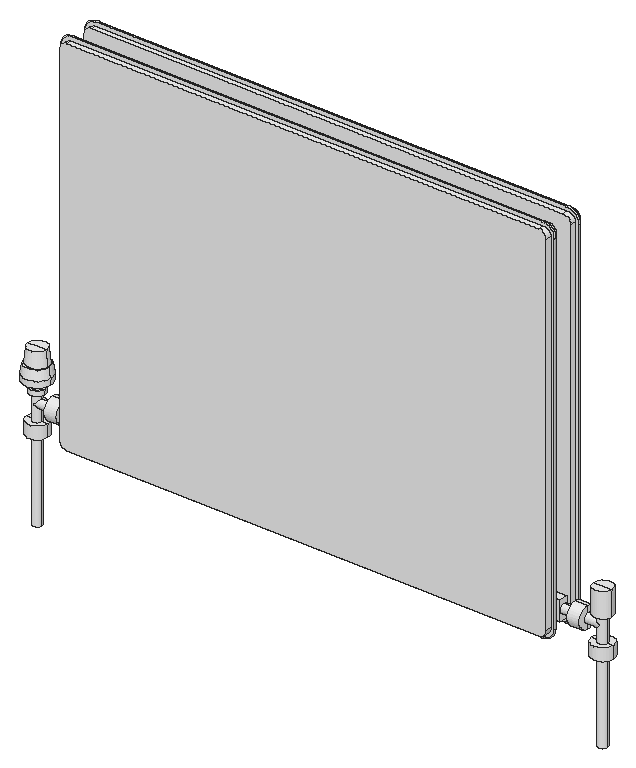
Revit family
Parameters (values of type "600 x 800mm Wide")
  Radiator Type = "Single"
  Radiator Thickness = 20 mm
  Radiator Length = 800 mm
  Radiator Height = 600 mm
  Offset from Wall = 65 mm
  Material Radiator = Paint - White
  Keynote = "T"
  Height to U/S = 150 mm
  Dist Between Rads = 50 mm
Types (10, lengths in mm): name | Radiator Length | Radiator Height
  600 x 400mm Wide | 400 | 600
  600 x 600mm Wide | 600 | 600
  600 x 800mm Wide | 800 | 600
  600 x 1000mm Wide | 1000 | 600
  600 x 1200mm Wide | 1200 | 600
  400 x 400mm Wide | 400 | 400
  400 x 600mm Wide | 600 | 400
  400 x 800mm Wide | 800 | 400
  400 x 1000mm Wide | 1000 | 400
  400 x 1200mm Wide | 1200 | 400
Reference planes
  plane 1 "Wall": y = 0
  plane 2 "Center (Left/Right)": x = -1.686
  plane 3 "Back": y = 75
  plane 4: x = -401.686
  plane 5: x = 398.314
  plane 6: z = 150
  plane 7: z = 750
  plane 8: y = 140
  plane 9: y = 165
  plane 10: y = 115
Forms (mm)
  Extrusion 1, solid, material "Paint - White" <- "Material Radiator"
    sketch origin (-553.26, 165, 4000) x (-1, 0, 0) y (0, 0, 1)
      loop
        arc (-163.573, -3850) -> (-155.088, -3846.485) -> (-151.573, -3838) r 12
        line (-151.573, -3838) -> (-151.573, -3262)
        arc (-151.573, -3262) -> (-155.088, -3253.515) -> (-163.573, -3250) r 12
        line (-163.573, -3250) -> (-939.573, -3250)
        arc (-939.573, -3250) -> (-948.058, -3253.515) -> (-951.573, -3262) r 12
        line (-951.573, -3262) -> (-951.573, -3838)
        arc (-951.573, -3838) -> (-948.058, -3846.485) -> (-939.573, -3850) r 12
        line (-939.573, -3850) -> (-163.573, -3850)
    from -10 to 10
  Sweep 2, solid, material "Paint - White" <- "Material Radiator"
    path origin (-553.26, 165, 4000) x (-1, 0, 0) y (0, 0, 1)
      loop
        line (-163.573, -3250) -> (-939.573, -3250)
        arc (-939.573, -3250) -> (-948.058, -3253.515) -> (-951.573, -3262) r 12
        line (-951.573, -3262) -> (-951.573, -3838)
        arc (-951.573, -3838) -> (-948.058, -3846.485) -> (-939.573, -3850) r 12
        line (-939.573, -3850) -> (-163.573, -3850)
        arc (-163.573, -3850) -> (-155.088, -3846.485) -> (-151.573, -3838) r 12
        line (-151.573, -3838) -> (-151.573, -3262)
        arc (-151.573, -3262) -> (-155.088, -3253.515) -> (-163.573, -3250) r 12
    profile origin (-1.686, 165, 750) x (0, 0, -1) y (0, 1, 0)
      loop
        line (0, -1) -> (0, 1) -> (-6, 1)
        arc (-6, 1) -> (-6.756, 0) -> (-6, -1) r 1.039
        line (-6, -1) -> (0, -1)
      loop
        line (0, -51) -> (0, -49) -> (-6, -49)
        arc (-6, -49) -> (-6.756, -50) -> (-6, -51) r 1.039
        line (-6, -51) -> (0, -51)
  Extrusion 3, solid, material "Paint - White" <- "Material Radiator"
    sketch origin (-572.173, 115, 4000) x (-1, 0, 0) y (0, 0, 1)
      loop
        line (-182.486, -3250) -> (-958.486, -3250)
        arc (-958.486, -3250) -> (-966.972, -3253.515) -> (-970.486, -3262) r 12
        line (-970.486, -3262) -> (-970.486, -3838)
        arc (-970.486, -3838) -> (-966.972, -3846.485) -> (-958.486, -3850) r 12
        line (-958.486, -3850) -> (-182.486, -3850)
        arc (-182.486, -3850) -> (-174.001, -3846.485) -> (-170.486, -3838) r 12
        line (-170.486, -3838) -> (-170.486, -3262)
        arc (-170.486, -3262) -> (-174.001, -3253.515) -> (-182.486, -3250) r 12
    from -10 to 10
  Extrusion 4, solid, material "Paint - White" <- "Material Radiator"
    sketch origin (0, 0, 112.5) x (0, 1, 0) y (1, 0, 0)
      loop
        line (147.5, -401.686) -> (147.5, -376.686) -> (155, -376.686) -> (155, -361.686) -> (125, -361.686) -> (125, -376.686) -> (132.5, -376.686) -> (132.5, -401.686) -> (147.5, -401.686)
      loop
        line (147.5, 398.314) -> (132.5, 398.314) -> (132.5, 373.314) -> (125, 373.314) -> (125, 358.314) -> (155, 358.314) -> (155, 373.314) -> (147.5, 373.314) -> (147.5, 398.314)
    from -82.5 to -50
  Extrusion 5, void
    sketch origin (-553.26, 175, 4000) x (1, 0, 0) y (0, 0, 1)
      loop
        line (926.573, -3815) -> (926.573, -3285) -> (176.573, -3285) -> (176.573, -3815) -> (926.573, -3815)
    from 0 to 3
Cuts and joins
  Extrusion 5 cuts Extrusion 1
  Extrusion 5 cuts Sweep 2
  Extrusion 5 cuts Extrusion 3
  Extrusion 5 cuts Extrusion 4
Text (mm)
  text "Placement side" at (-1820.995, 1116.779, 0), in view "Ref. Level"
  text "Placement side" at (0, 1334.055, 2976.191), in view "Left"
  text "Placement side" at (0, 439.194, 2944.362), in view "Right"
Dimensions and locks
  locked: plane 3 "Back" to host wall
  equal spacing: plane 4, plane 2 "Center (Left/Right)", plane 5
  "Radiator Length": plane 4 to plane 5
  "Height to U/S": level to plane 6
  "Radiator Height": plane 6 to plane 7
  "Offset from Wall": plane 3 "Back" to plane 8
  equal spacing: plane 9, plane 8, plane 10
  "Dist Between Rads": plane 9 to plane 10
  Extrusion 1 to plane 9 to Extrusion 1 = 10 mm, 10 mm
  "Radiator Thickness": Extrusion 1 to Extrusion 1
  equal spacing: Extrusion 3, plane 10, Extrusion 3
  "Radiator Thickness": Extrusion 3 to Extrusion 3
  Sweep 2 sketch curve to plane 10 to Sweep 2 sketch curve = 1 mm, 1 mm
  Sweep 2 sketch curve to plane 9 to Sweep 2 sketch curve = 1 mm, 1 mm
  locked: nested 1 to Extrusion 4 at 0
  Extrusion 5 sketch curve to plane 7 = 35 mm
  Extrusion 5 sketch curve to plane 5 = 25 mm
  plane 4 to Extrusion 5 sketch curve = 25 mm
  plane 6 to Extrusion 5 sketch curve = 35 mm
  aligned and locked: plane 1 "Wall" to host wall
  aligned and locked: nested 1 to plane 4
  aligned and locked: level to nested 1
  aligned and locked: nested 2 to level
  aligned and locked: nested 2 to plane 5
  aligned and locked: nested 1 to plane 8
  aligned and locked: plane 8 to nested 2
  aligned and locked: plane 5 to Extrusion 1 sketch curve
  aligned and locked: Extrusion 1 sketch curve to plane 4
  aligned and locked: plane 7 to Extrusion 1 sketch curve
  aligned and locked: Extrusion 1 sketch curve to plane 6
  aligned and locked: Sweep 2 sketch curve to Extrusion 1  (x4)
  aligned and locked: Extrusion 3 sketch curve to Extrusion 1  (x4)
  aligned and locked: Extrusion 4 sketch curve to Extrusion 4 sketch curve  (x2)
  aligned and locked: Extrusion 4 sketch curve to nested 1
  aligned and locked: Extrusion 4 sketch curve to nested 2
  aligned and locked: Extrusion 4 to nested 1
Automatic sketch dimensions
  plane 5 to Extrusion 1 sketch curve = 12 mm  (x2)
  Extrusion 1 sketch curve to plane 4 = 12 mm  (x2)
  Sweep 2 sketch curve to plane 9 = 0 mm
  Sweep 2 sketch curve to profile plane = 0 mm  (x2)
  profile plane to Sweep 2 sketch curve = 5.716 mm  (x2)
  Sweep 2 sketch curve to Sweep 2 sketch curve = 0.284 mm  (x3)
  Extrusion 4 sketch curve to plane 4 = 0 mm
  plane 10 to Extrusion 4 sketch curve = 10 mm  (x2)
  Extrusion 4 sketch curve to plane 8 = 7.5 mm  (x2)
  Extrusion 4 sketch curve to Extrusion 4 sketch curve = 7.5 mm
  Extrusion 4 sketch curve to Extrusion 4 sketch curve = 25 mm
  Extrusion 4 sketch curve to Extrusion 4 sketch curve = 15 mm  (x2)
  plane 8 to Extrusion 4 sketch curve = 7.5 mm
  Extrusion 4 sketch curve to plane 9 = 10 mm
  plane 5 to Extrusion 4 sketch curve = 25 mm
Nested families
  nested 1: "Radiator Valve - Flow" at (-401.686, 140, 0) x (-1, 0, 0) z (0, 0, 1), type "Radiator Valve - Flow"
  nested 2: "Radiator Valve - Return" at (398.314, 140, 0), type "Radiator Valve - Return"
Definition of nested family "Radiator Valve - Flow"
  Parameters
    Valve Offset Vert = 30 mm
    Valve Offset Horz = 65 mm
    Radiator Bttm = 150 mm
    Material Valve Head = Plastic - White
    Material Valve = Metal - Chrome Polished
    Material Pipe = Paint - White
  Reference planes
    plane 1 "Center (Front/Back)": y = 0
    plane 2: z = 0
    plane 3 "Center (Left/Right)": x = 0
    plane 4: x = 65
    plane 5: z = 150
    plane 6: z = 180
  Forms (mm)
    Revolve 1, solid, material "Metal - Chrome Polished" <- "Material Valve"
      sketch origin (0, 0, 0) x (1, 0, 0) y (0, 0, 1)
        loop
          line (0, 172.5) -> (20, 172.5) -> (20, 162.5) -> (40, 162.5) -> (40, 172.5) -> (65, 172.5) -> (65, 180) -> (0, 180) -> (0, 172.5)
        axis (0, 180) -> (65, 180)
      angle from 0 to 360
    Revolve 2, solid, material "Metal - Chrome Polished" <- "Material Valve"
      sketch origin (0, 0, 0) x (1, 0, 0) y (0, 0, 1)
        loop
          line (65, 133.664) -> (65, 208.972) -> (57.5, 208.972) -> (57.5, 202) -> (52.5, 202) -> (52.5, 195) -> (57.5, 195) -> (57.5, 153.664) -> (47.5, 153.664) -> (47.5, 133.664) -> (65, 133.664)
        axis (65, 208.972) -> (65, 133.664)
      angle from 0 to 360
    Extrusion 3, solid, material "Paint - White" <- "Material Pipe"
      sketch origin (0, 0, 0) x (1, 0, 0) y (0, 1, 0)
        loop
          circle (65, 0) r 7.5
      from 0 to 133.664
    Revolve 4, solid, material "Plastic - White" <- "Material Valve Head"
      sketch origin (0, 0, 0) x (1, 0, 0) y (0, 0, 1)
        loop
          line (65, 208.972) -> (65, 261.547) -> (49.835, 261.547) -> (47.463, 238.117) -> (45.504, 236.986) -> (42.899, 222.214) -> (42.899, 212.214) -> (55, 208.972) -> (65, 208.972)
        axis (65, 208.972) -> (65, 261.547)
      angle from 0 to 360
  Cuts and joins
    joined: Revolve 1, Revolve 2
  Lines and regions (mm)
    symbolic lines, detail levels medium+fine
      curve 1: line (0, 7.5, 0) -> (65, 7.5, 0)
      curve 2: line (0, -7.5, 0) -> (65, -7.5, 0)
      curve 3: circle (65, 0, 0) r 7.5 normal (0, 0, 1)
  Dimensions and locks
    "Valve Offset Horz": plane 3 "Center (Left/Right)" to plane 4
    "Radiator Bttm": plane 5 to level
    "Valve Offset Vert": plane 6 to plane 5
    aligned and locked: Extrusion 3 to cut or joined group of Revolve 1, Revolve 2
    aligned and locked: Extrusion 3 to level
    aligned and locked: curve 1 to cut or joined group of Revolve 1, Revolve 2  (x3)
    aligned and locked: cut or joined group of Revolve 1, Revolve 2 to curve 2
    aligned and locked: curve 2 to cut or joined group of Revolve 1, Revolve 2  (x2)
  Automatic sketch dimensions
    Revolve 1 sketch curve to plane 6 = 0 mm  (x2)
    Revolve 1 sketch curve to plane 3 "Center (Left/Right)" = 0 mm
    Revolve 1 sketch curve to plane 4 = 0 mm
    Revolve 1 sketch curve to Revolve 1 sketch curve = 20 mm  (x2)
    plane 6 to Revolve 1 sketch curve = 7.5 mm  (x2)
    plane 3 "Center (Left/Right)" to Revolve 1 sketch curve = 20 mm
    Revolve 1 sketch curve to Revolve 1 sketch curve = 30 mm
    Revolve 1 sketch curve to Revolve 1 sketch curve = 10 mm
    Revolve 2 sketch curve to plane 4 = 0 mm  (x2)
    plane 4 to Revolve 2 sketch curve = 7.5 mm
    Revolve 2 sketch curve to Revolve 2 sketch curve = 0 mm
    Revolve 2 sketch curve to Revolve 2 sketch curve = 5 mm
    Revolve 2 sketch curve to plane 5 = 3.664 mm
    Revolve 2 sketch curve to Revolve 2 sketch curve = 10 mm
    plane 5 to Revolve 2 sketch curve = 16.336 mm
    Revolve 2 sketch curve to Revolve 2 sketch curve = 24.692 mm
    Revolve 2 sketch curve to plane 6 = 15 mm
    Revolve 2 sketch curve to Revolve 2 sketch curve = 7 mm
    Revolve 2 sketch curve to Revolve 2 sketch curve = 6.972 mm
    Revolve 2 sketch curve to Revolve 2 sketch curve = 25 mm
    Extrusion 3 sketch curve to plane 1 "Center (Front/Back)" = 0 mm
    Extrusion 3 sketch curve to plane 4 = 0 mm
    Revolve 4 sketch curve to plane 4 = 0 mm  (x2)
    plane 4 to Revolve 4 sketch curve = 10 mm
    plane 4 to Revolve 4 sketch curve = 15.165 mm
    plane 4 to Revolve 4 sketch curve = 17.537 mm
    Revolve 4 sketch curve to Revolve 4 sketch curve = 1.959 mm
    Revolve 4 sketch curve to Revolve 4 sketch curve = 2.605 mm
    Revolve 4 sketch curve to plane 6 = 18.972 mm
    Revolve 4 sketch curve to Revolve 4 sketch curve = 10 mm  (x2)
    Revolve 4 sketch curve to Revolve 4 sketch curve = 3.242 mm
    Revolve 4 sketch curve to Revolve 4 sketch curve = 14.772 mm
    Revolve 4 sketch curve to Revolve 4 sketch curve = 1.131 mm
    Revolve 4 sketch curve to Revolve 4 sketch curve = 23.43 mm
    Revolve 4 sketch curve to Revolve 4 sketch curve = 6.348 mm
    curve 3 to plane 4 = 0 mm
    radius of Extrusion 3 sketch curve = 7.5 mm
Definition of nested family "Radiator Valve - Return"
  Parameters
    Valve Offset Vert = 30 mm
    Valve Offset Horz = 65 mm
    Radiator Bttm = 150 mm
    Material Valve Head = Plastic - White
    Material Valve = Metal - Chrome Polished
    Material Pipe = Paint - White
  Reference planes
    plane 1 "Center (Front/Back)": y = 0
    plane 2: z = 0
    plane 3 "Center (Left/Right)": x = 0
    plane 4: x = 65
    plane 5: z = 150
    plane 6: z = 180
  Forms (mm)
    Revolve 1, solid, material "Metal - Chrome Polished" <- "Material Valve"
      sketch origin (0, 0, 0) x (1, 0, 0) y (0, 0, 1)
        loop
          line (0, 172.5) -> (20, 172.5) -> (20, 162.5) -> (40, 162.5) -> (40, 172.5) -> (65, 172.5) -> (65, 180) -> (0, 180) -> (0, 172.5)
        axis (0, 180) -> (65, 180)
      angle from 0 to 360
    Revolve 2, solid, material "Metal - Chrome Polished" <- "Material Valve"
      sketch origin (0, 0, 0) x (1, 0, 0) y (0, 0, 1)
        loop
          line (65, 133.664) -> (65, 195) -> (57.5, 195) -> (57.5, 153.664) -> (47.5, 153.664) -> (47.5, 133.664) -> (65, 133.664)
        axis (65, 195) -> (65, 133.664)
      angle from 0 to 360
    Extrusion 3, solid, material "Paint - White" <- "Material Pipe"
      sketch origin (0, 0, 0) x (1, 0, 0) y (0, 1, 0)
        loop
          circle (65, 0) r 7.5
      from 0 to 133.664
    Revolve 4, solid, material "Plastic - White" <- "Material Valve Head"
      sketch origin (0, 0, 0) x (1, 0, 0) y (0, 0, 1)
        loop
          line (65, 195) -> (65, 235) -> (50, 235) -> (50, 195) -> (65, 195)
        axis (65, 195) -> (65, 235)
      angle from 0 to 360
  Cuts and joins
    joined: Revolve 1, Revolve 2
  Lines and regions (mm)
    symbolic lines, detail levels medium+fine
      curve 1: line (0, 7.5, 0) -> (65, 7.5, 0)
      curve 2: line (0, -7.5, 0) -> (65, -7.5, 0)
      curve 3: circle (65, 0, 0) r 7.5 normal (0, 0, 1)
  Dimensions and locks
    "Valve Offset Horz": plane 3 "Center (Left/Right)" to plane 4
    "Radiator Bttm": plane 5 to level
    "Valve Offset Vert": plane 6 to plane 5
    aligned and locked: Extrusion 3 to cut or joined group of Revolve 1, Revolve 2
    aligned and locked: Extrusion 3 to level
    aligned and locked: curve 1 to cut or joined group of Revolve 1, Revolve 2  (x3)
    aligned and locked: cut or joined group of Revolve 1, Revolve 2 to curve 2
  Automatic sketch dimensions
    Revolve 1 sketch curve to plane 6 = 0 mm  (x2)
    Revolve 1 sketch curve to plane 3 "Center (Left/Right)" = 0 mm
    Revolve 1 sketch curve to plane 4 = 0 mm
    Revolve 1 sketch curve to Revolve 1 sketch curve = 20 mm  (x2)
    plane 6 to Revolve 1 sketch curve = 7.5 mm  (x2)
    plane 3 "Center (Left/Right)" to Revolve 1 sketch curve = 20 mm
    Revolve 1 sketch curve to Revolve 1 sketch curve = 30 mm
    Revolve 1 sketch curve to Revolve 1 sketch curve = 10 mm
    Extrusion 3 sketch curve to plane 1 "Center (Front/Back)" = 0 mm
    Extrusion 3 sketch curve to plane 4 = 0 mm
    Revolve 2 sketch curve to plane 4 = 0 mm  (x2)
    plane 4 to Revolve 2 sketch curve = 7.5 mm
    Revolve 2 sketch curve to plane 5 = 3.664 mm
    Revolve 2 sketch curve to Revolve 2 sketch curve = 10 mm
    plane 5 to Revolve 2 sketch curve = 16.336 mm
    Revolve 2 sketch curve to Revolve 2 sketch curve = 24.692 mm
    Revolve 2 sketch curve to plane 6 = 15 mm
    Revolve 2 sketch curve to Revolve 2 sketch curve = 0 mm
    Revolve 4 sketch curve to plane 4 = 0 mm  (x2)
    plane 4 to Revolve 4 sketch curve = 15 mm
    Revolve 4 sketch curve to plane 6 = 15 mm
    Revolve 4 sketch curve to Revolve 4 sketch curve = 3.972 mm
    Revolve 4 sketch curve to Revolve 4 sketch curve = 36.028 mm
    Revolve 4 sketch curve to Revolve 4 sketch curve = 32.895 mm
    curve 2 to plane 4 = 0 mm
    curve 3 to plane 1 "Center (Front/Back)" = 0 mm
    curve 3 to plane 4 = 0 mm
    radius of Extrusion 3 sketch curve = 7.5 mm
